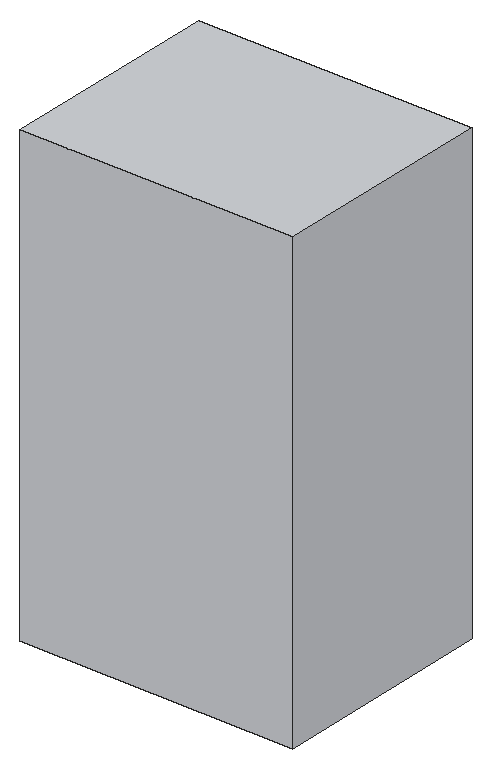
Revit family
Parameters
  Warranty Duration (Years) = 0
  Unit Width [instance] = 1' - 0"
  Unit Height [instance] = 2' - 3"
  Unit Depth = 0' - 4 7/8"
  URL = "http://www.americanspecialties.com/viewCategories.cfm"
  Trim Material = Metal - Stainless Steel
  Test Data = ""
  Specification = "http://www.arcat.com/sdspecs/htm/10810asi.htm"
  SpecWizard = ""
  Send Message = "http://www.arcat.com/users.pl?action=UserEmail&company=American%20Specialties,%20Inc.&coid=30448&rep=139&fax=914-476-0688&mf="
  Sales Information = "http://www.americanspecialties.com/contact"
  Revision = "R1_10-2010"
  Rack_Width = 0' - 6"
  Rack_Distance = 0' - 2"
  Product Properties = "http://www.americanspecialties.com/datasheets/0556.pdf"
  Product Data = "http://www.arcat.com/arcatcos/cos30/arc30448.html"
  Model = "As Specified in 10 28 13"
  Manufacturer Website = "http://www.americanspecialties.com/viewCategories.cfm"
  Manufacturer Phone - Toll Free = ""
  Manufacturer Phone = "914-476-9000 "
  Manufacturer Fax = "914-476-0688"
  Manufacturer Address = "441 Saw Mill River Rd., Yonkers, NY 10701"
  Manufacturer = "American Specialties, Inc."
  Maintenance Schedule (Months) = 0
  Keynote = "10 28 13"
  Installation-Fabrication = "http://www.americanspecialties.com/products.cfm"
  Hole = 1' - 0 11/16"
  Green Building-LEED = ""
  Expected Lifespan (Years) = 0
  Drawn By = "Robert S. Weygant. CSI, CDT, SCIP"  # constant formula
  Description = "Toilet Accessory as Specified in 10 28 13"
  Default Elevation = 4' - 0"
  Copyright = "©Arcat Inc."
  Construction Details = "http://www.arcat.com/green/clients/leed_data_30448.html"
  Building Codes = "http://www.americanspecialties.com/products.cfm"
  Body Material = Metal - Stainless Steel
  Assembly Code = "C1030210"
Reference planes (in)
  plane 1 "Center (Front/Back)": y = -4.79112
  plane 2 "Floor Line": z = 0
  plane 3 "Center (Left/Right)": x = -0.65843
  plane 4: z = 61.5
  plane 5: x = -6.65843
  plane 6: x = 5.34157
  plane 7: z = 48
  plane 8: z = 75
  plane 9: y = 16.70888
  plane 10: y = -10.29112
  plane 11: z = 4.875
  plane 12: y = -9.47862
  plane 13: x = -5.84593
  plane 14: x = 4.52907
  plane 15: y = 3.20888
  plane 16: y = 15.89638
Forms (in)
  Extrusion 1, solid
    sketch origin (-4.07053, -13.54084, -6) x (0, 0, -1) y (1, 0, 0)
      loop
        line (-82, 26) -> (-82, -19.34712) -> (-6, -19.34712) -> (-6, 26) -> (-82, 26)
    from 2.75028 to -34.27291
  Extrusion 2, solid, material "Metal - Stainless Steel" <- "Body Material"
    sketch origin (0, 0, 0) x (1, 0, 0) y (0, 1, 0)
      loop
        arc (-5.65843, 16.70888) -> (-6.36554, 16.41599) -> (-6.65843, 15.70888) r 1
        line (-6.65843, 15.70888) -> (-6.65843, -9.29112)
        arc (-6.65843, -9.29112) -> (-6.36554, -9.99822) -> (-5.65843, -10.29112) r 1
        line (-5.65843, -10.29112) -> (4.34157, -10.29112)
        arc (4.34157, -10.29112) -> (5.04867, -9.99822) -> (5.34157, -9.29112) r 1
        line (5.34157, -9.29112) -> (5.34157, 15.70888)
        arc (5.34157, 15.70888) -> (5.04867, 16.41599) -> (4.34157, 16.70888) r 1
        line (4.34157, 16.70888) -> (-5.65843, 16.70888)
    from 0 to 0.25
  Extrusion 3, solid, material "Metal - Stainless Steel" <- "Body Material"
    sketch origin (0, 0, 0) x (1, 0, 0) y (0, 1, 0)
      loop
        line (-6.65843, -4.29112) -> (-6.65843, -5.29112) -> (-1.15843, -5.29112) -> (-1.15843, -10.29112) -> (-0.15843, -10.29112) -> (-0.15843, -5.29112) -> (5.34157, -5.29112) -> (5.34157, -4.29112) -> (-6.65843, -4.29112)
    from 0.25 to 4.875
  Extrusion 4, void
    sketch origin (0, 0, 0) x (1, 0, 0) y (0, 1, 0)
      loop
        line (-6.59593, -2.54112) -> (-6.59593, -10.22862) -> (5.27907, -10.22862) -> (5.27907, -2.54112) -> (-6.59593, -2.54112)
    from 0.25 to 4.8125
  Extrusion 5, void
    sketch origin (0, 0, 0) x (1, 0, 0) y (0, 1, 0)
      loop
        circle (-5.84593, -9.47862) r 0.125
      loop
        circle (4.52907, -9.47862) r 0.125
      loop
        circle (-5.84593, 3.20888) r 0.125
      loop
        circle (4.52907, 3.20888) r 0.125
      loop
        circle (-5.84593, 15.89638) r 0.125
      loop
        circle (4.52907, 15.89638) r 0.125
    from 0 to 12
  Extrusion 6, solid, material "Metal - Stainless Steel" <- "Body Material"
    sketch origin (0, 16, 0) x (1, 0, 0) y (0, 1, 0)
      loop
        line (-3.65843, -1.29112) -> (-3.65843, -2.29112) -> (-1.15843, -2.29112) -> (-1.15843, -7.29112) -> (-0.15843, -7.29112) -> (-0.15843, -2.29112) -> (2.34157, -2.29112) -> (2.34157, -1.29112) -> (-3.65843, -1.29112)
    from 0.25 to 4.875
  Extrusion 7, void
    sketch origin (0, -5.25, 0) x (1, 0, 0) y (0, 1, 0)
      loop
        line (-3.59593, 19.95888) -> (-3.59593, 14.0291) -> (2.27907, 14.0291) -> (2.27907, 19.95888) -> (-3.59593, 19.95888)
    from 0.25 to 4.8125
Cuts and joins
  Extrusion 4, Extrusion 5, Extrusion 7 cuts Extrusion 2
  Extrusion 4, Extrusion 5, Extrusion 7 cuts Extrusion 3
  Extrusion 7 cuts Extrusion 6
Dimensions and locks (in)
  equal spacing: plane 8, plane 4, plane 7
  equal spacing: plane 6, plane 3 "Center (Left/Right)", plane 5
  "Unit Width": plane 6 to plane 5
  "Unit Height": plane 8 to plane 7
  "Default Elevation": plane 7 to plane 2 "Floor Line"
  "Unit Height": plane 9 to plane 10
  "Unit Depth": plane 11 to plane 2 "Floor Line"
  cut or joined group of Extrusion 3, Extrusion 4, Extrusion 5, Extrusion 7 to cut or joined group of Extrusion 3, Extrusion 4, Extrusion 5, Extrusion 7 = 0' - 1"
  locked: plane 10 to plane 1 "Center (Front/Back)" at 5.5
  locked: plane 10 to cut or joined group of Extrusion 3, Extrusion 4, Extrusion 5, Extrusion 7 at 5
  "Hole": plane 15 to plane 12
  locked: plane 12 to plane 10 at 0.8125
  "Hole": plane 16 to plane 15
  locked: cut or joined group of Extrusion 6, Extrusion 7 to cut or joined group of Extrusion 6, Extrusion 7 at 1
  locked: cut or joined group of Extrusion 6, Extrusion 7 to cut or joined group of Extrusion 6, Extrusion 7 at 5
  locked: cut or joined group of Extrusion 6, Extrusion 7 to cut or joined group of Extrusion 6, Extrusion 7 at 0.0625  (x3)
  cut or joined group of Extrusion 6, Extrusion 7 to cut or joined group of Extrusion 3, Extrusion 4, Extrusion 5, Extrusion 7 = 1' - 1"
  equal spacing: cut or joined group of Extrusion 6, Extrusion 7, plane 3 "Center (Left/Right)", cut or joined group of Extrusion 6, Extrusion 7
  "Rack_Width": Extrusion 6 sketch curve to Extrusion 6 sketch curve
  locked: cut or joined group of Extrusion 6, Extrusion 7 to cut or joined group of Extrusion 6, Extrusion 7 at 0.07022
  "Rack_Distance": plane 9 to cut or joined group of Extrusion 6, Extrusion 7
  locked: cut or joined group of Extrusion 3, Extrusion 4, Extrusion 5, Extrusion 7 to cut or joined group of Extrusion 3, Extrusion 4, Extrusion 5, Extrusion 7 at 0.0625
  aligned and locked: Extrusion 1 to level
  aligned and locked: plane 10 to Extrusion 2 sketch curve
  aligned and locked: Extrusion 2 sketch curve to plane 6
  aligned and locked: Extrusion 2 sketch curve to plane 9
  aligned and locked: plane 5 to Extrusion 2 sketch curve
  aligned and locked: Extrusion 3 to Extrusion 2
  aligned and locked: cut or joined group of Extrusion 6, Extrusion 7 to Extrusion 7
  aligned and locked: plane 11 to cut or joined group of Extrusion 3, Extrusion 4, Extrusion 5, Extrusion 7
  aligned and locked: plane 11 to cut or joined group of Extrusion 6, Extrusion 7
Automatic sketch dimensions
  Extrusion 1 sketch curve to Extrusion 1 sketch curve = 6' - 4"
  Extrusion 1 sketch curve to Extrusion 1 sketch curve = 3' - 9.34712"
  plane 5 to Extrusion 2 sketch curve = 0' - 1"  (x2)
  Extrusion 2 sketch curve to plane 6 = 0' - 1"  (x2)
  Extrusion 3 sketch curve to plane 5 = 0' - 0"
  Extrusion 3 sketch curve to plane 10 = 0' - 0"
  Extrusion 3 sketch curve to plane 6 = 0' - 0"
  Extrusion 3 sketch curve to plane 3 "Center (Left/Right)" = 0' - 0 1/2"
  plane 3 "Center (Left/Right)" to Extrusion 3 sketch curve = 0' - 0 1/2"
  plane 1 "Center (Front/Back)" to Extrusion 3 sketch curve = 0' - 0 1/2"  (x2)
  Extrusion 3 sketch curve to plane 1 "Center (Front/Back)" = 0' - 0 1/2"
  plane 5 to Extrusion 4 sketch curve = 0' - 0 1/16"
  Extrusion 4 sketch curve to plane 6 = 0' - 0 1/16"
  plane 10 to Extrusion 4 sketch curve = 0' - 0 1/16"
  Extrusion 4 sketch curve to plane 1 "Center (Front/Back)" = 0' - 2 1/4"
  Extrusion 5 sketch curve to plane 13 = 0' - 0"  (x3)
  Extrusion 5 sketch curve to plane 12 = 0' - 0"  (x2)
  Extrusion 5 sketch curve to plane 14 = 0' - 0"  (x3)
  Extrusion 5 sketch curve to plane 15 = 0' - 0"  (x2)
  Extrusion 5 sketch curve to plane 16 = 0' - 0"  (x2)
  Extrusion 6 sketch curve to plane 6 = 0' - 3"
  Extrusion 6 sketch curve to plane 3 "Center (Left/Right)" = 0' - 0 1/2"
  plane 3 "Center (Left/Right)" to Extrusion 6 sketch curve = 0' - 0 1/2"
  Extrusion 6 sketch curve to plane 1 "Center (Front/Back)" = 1' - 1 1/2"
  Extrusion 6 sketch curve to Extrusion 6 sketch curve = 0' - 5"
  Extrusion 6 sketch curve to Extrusion 6 sketch curve = 0' - 0"
  Extrusion 6 sketch curve to Extrusion 6 sketch curve = 0' - 1"
  plane 5 to Extrusion 7 sketch curve = 0' - 3 1/16"
  Extrusion 7 sketch curve to plane 6 = 0' - 3 1/16"
  plane 10 to Extrusion 7 sketch curve = 1' - 7.07022"
  plane 10 to Extrusion 7 sketch curve = 2' - 1"
  radius of Extrusion 5 sketch curve = 0' - 0 1/8"  (x6)
